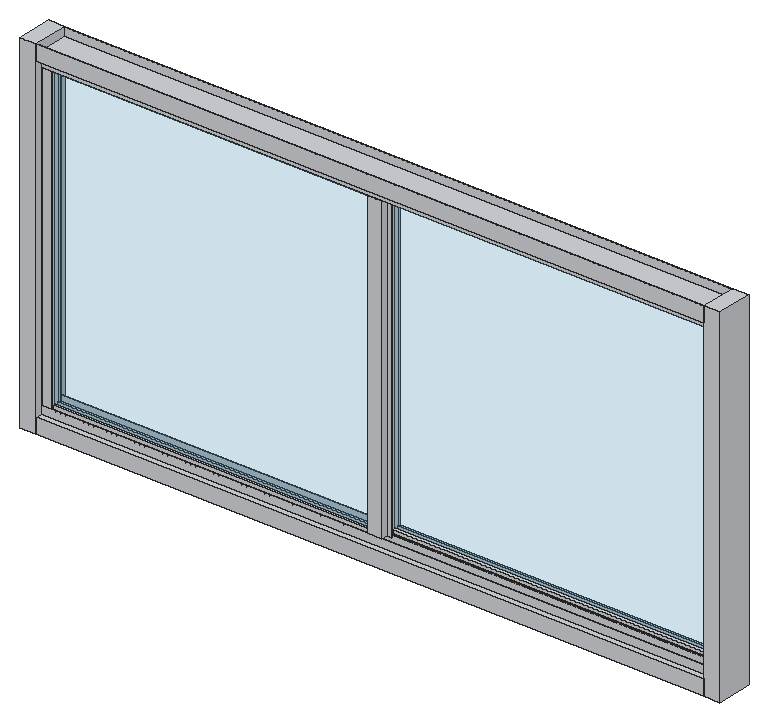
Revit family "MT-VMS_DB-SG_OX", category Windows, host Wall, Revit 2017 (continued)
Definition of nested family "VMS_DB-SG_OX_101mm"
  Definition of nested family "VMS_DB-SG_GLAZED PANEL"
    Definition of nested family "VMS_V3_SGL_MEDIUM"
      Reference planes
        plane 3 "Center (Left/Right)": x = 0
      Lines and regions (mm)
        model lines, in view "Ref. Level"
          curve 1: line (13.914, -23.65, 0) -> (27.914, -23.65, 0)
          curve 2: line (27.914, -23.65, 0) -> (27.914, -22.45, 0)
          curve 3: line (27.914, -22.45, 0) -> (13.914, -22.45, 0)
          curve 4: line (13.914, -22.45, 0) -> (13.914, -1.2, 0)
          curve 5: line (26.414, -1.2, 0) -> (26.414, -5.1, 0)
          curve 6: line (27.914, -6.489, 0) -> (27.914, 0, 0)
          curve 7: line (27.914, 0, 0) -> (0, 0, 0)
          curve 8: line (1.002, -1.2, 0) -> (4.73, -1.2, 0)
          curve 9: line (0, 0, 0) -> (0, -26.9, 0)
          curve 10: line (1.002, -25.7, 0) -> (1.002, -1.2, 0)
          curve 11: line (0, -26.9, 0) -> (21.039, -26.9, 0)
          curve 12: line (21.039, -26.102, 0) -> (13.914, -25.397, 0)
          curve 13: line (13.914, -25.397, 0) -> (13.914, -23.65, 0)
          curve 14: line (13.914, -1.2, 0) -> (26.414, -1.2, 0)
          curve 15: line (12.512, -1.2, 0) -> (12.512, -25.7, 0)
          curve 16: line (12.512, -25.7, 0) -> (6.132, -25.7, 0)
          curve 23: line (6.132, -1.2, 0) -> (12.512, -1.2, 0)
          curve 24: line (4.73, -25.7, 0) -> (1.002, -25.7, 0)
        detail lines, in view "Ref. Level"
          curve 17: line (21.039, -26.102, 0) -> (21.039, -26.9, 0)
          curve 18: line (27.914, -6.489, 0) -> (21.583, -6.489, 0)
          curve 19: line (26.414, -5.1, 0) -> (21.583, -5.1, 0)
          curve 20: line (21.583, -6.489, 0) -> (21.583, -5.1, 0)
          curve 21: line (6.132, -25.7, 0) -> (6.132, -1.2, 0)
          curve 22: line (4.73, -1.2, 0) -> (4.73, -25.7, 0)
    Definition of nested family "VMS_VM64_SILL DETAIL_FINE"
      Reference planes
        plane 1 "Center (Front/Back)": y = 0
        plane 2: z = 0
        plane 3 "Center (Left/Right)": x = 0
      Lines and regions (mm)
        model lines, in view "Ref. Level"
          curve 1: arc (4.124, -13.835, 0) -> (4.075, -13.45, 0) -> (4.124, -13.065, 0) r 1.525
          curve 2: arc (4.529, -12.365, 0) -> (4.813, -12.144, 0) -> (5.14, -11.996, 0) r 1.525
          curve 3: arc (6.06, -11.996, 0) -> (6.369, -12.133, 0) -> (6.64, -12.334, 0) r 1.525
          curve 4: arc (6.64, -12.334, 0) -> (7.145, -12.421, 0) -> (7.426, -11.992, 0) r 0.468
          curve 5: arc (7.426, -11.154, 0) -> (7.404, -11.062, 0) -> (7.342, -10.991, 0) r 0.2
          curve 6: arc (7.342, -10.991, 0) -> (6.899, -10.731, 0) -> (6.419, -10.55, 0) r 3.014
          curve 7: arc (6.419, -10.55, 0) -> (6.261, -10.442, 0) -> (6.2, -10.261, 0) r 0.3
          curve 8: arc (6.2, -1.5, 0) -> (6.288, -1.288, 0) -> (6.5, -1.2, 0) r 0.3
          curve 9: arc (12.312, -1.2, 0) -> (12.453, -1.259, 0) -> (12.512, -1.4, 0) r 0.2
          curve 10: arc (12.512, -25.5, 0) -> (12.453, -25.641, 0) -> (12.312, -25.7, 0) r 0.2
          curve 11: arc (8.4, -25.7, 0) -> (8.259, -25.641, 0) -> (8.2, -25.5, 0) r 0.2
          curve 12: arc (8.2, -23.8, 0) -> (8.141, -23.659, 0) -> (8, -23.6, 0) r 0.2
          curve 13: arc (6.5, -23.6, 0) -> (6.288, -23.512, 0) -> (6.2, -23.3, 0) r 0.3
          curve 14: arc (6.2, -16.639, 0) -> (6.261, -16.458, 0) -> (6.419, -16.35, 0) r 0.3
          curve 15: arc (6.419, -16.35, 0) -> (6.899, -16.169, 0) -> (7.342, -15.909, 0) r 3.014
          curve 16: arc (7.342, -15.909, 0) -> (7.404, -15.838, 0) -> (7.426, -15.746, 0) r 0.2
          curve 17: arc (7.426, -14.908, 0) -> (7.145, -14.479, 0) -> (6.64, -14.566, 0) r 0.468
          curve 18: arc (6.64, -14.566, 0) -> (6.369, -14.767, 0) -> (6.06, -14.904, 0) r 1.525
          curve 19: arc (5.14, -14.904, 0) -> (4.813, -14.756, 0) -> (4.529, -14.535, 0) r 1.525
          curve 20: arc (2.1, -11.652, 0) -> (2.188, -11.864, 0) -> (2.4, -11.952, 0) r 0.3
          curve 21: arc (2.4, -14.952, 0) -> (2.188, -15.04, 0) -> (2.1, -15.252, 0) r 0.3
          curve 22: arc (0.8, -15.352, 0) -> (0.4, -14.952, 0) -> (0, -15.352, 0) r 0.4
          curve 23: arc (0, -19.208, 0) -> (0.088, -19.42, 0) -> (0.3, -19.508, 0) r 0.3
          curve 24: arc (0.9, -19.508, 0) -> (1.112, -19.42, 0) -> (1.2, -19.208, 0) r 0.3
          curve 25: arc (1.2, -17.808, 0) -> (1.288, -17.596, 0) -> (1.5, -17.508, 0) r 0.3
          curve 26: arc (3, -17.508, 0) -> (3.212, -17.42, 0) -> (3.3, -17.208, 0) r 0.3
          curve 27: arc (3.3, -16.724, 0) -> (3.388, -16.512, 0) -> (3.6, -16.424, 0) r 0.3
          curve 28: arc (4.7, -16.424, 0) -> (4.912, -16.512, 0) -> (5, -16.724, 0) r 0.3
          curve 29: arc (5, -23.3, 0) -> (4.912, -23.512, 0) -> (4.7, -23.6, 0) r 0.3
          curve 30: arc (0.3, -23.6, 0) -> (0.088, -23.688, 0) -> (0, -23.9, 0) r 0.3
          curve 31: arc (0, -26.4, 0) -> (0.146, -26.753, 0) -> (0.5, -26.9, 0) r 0.5
          curve 32: arc (2.102, -26.9, 0) -> (2.502, -26.5, 0) -> (2.102, -26.1, 0) r 0.4
          curve 33: arc (5.902, -26.1, 0) -> (5.502, -26.5, 0) -> (5.902, -26.9, 0) r 0.4
          curve 34: arc (19.253, -26.9, 0) -> (19.6, -26.57, 0) -> (19.287, -26.207, 0) r 0.347
          curve 35: arc (16.352, -25.917, 0) -> (16.099, -25.719, 0) -> (16.17, -25.406, 0) r 0.3
          curve 36: arc (16.838, -24.738, 0) -> (16.935, -24.673, 0) -> (17.05, -24.65, 0) r 0.3
          curve 37: arc (27.288, -24.95, 0) -> (27.906, -24.424, 0) -> (27.486, -23.73, 0) r 0.626
          curve 38: arc (26.677, -23.46, 0) -> (26.497, -23.488, 0) -> (26.414, -23.65, 0) r 0.2
          curve 39: arc (25.177, -23.46, 0) -> (24.997, -23.488, 0) -> (24.914, -23.65, 0) r 0.2
          curve 40: arc (23.677, -23.46, 0) -> (23.497, -23.488, 0) -> (23.414, -23.65, 0) r 0.2
          curve 41: arc (16.553, -23.45, 0) -> (16.438, -23.473, 0) -> (16.341, -23.538, 0) r 0.3
          curve 42: arc (14.426, -25.452, 0) -> (14.099, -25.517, 0) -> (13.914, -25.24, 0) r 0.3
          curve 43: arc (13.914, -14.116, 0) -> (13.884, -13.963, 0) -> (13.797, -13.833, 0) r 0.4
          curve 44: arc (13.797, -13.067, 0) -> (13.884, -12.937, 0) -> (13.914, -12.784, 0) r 0.4
          curve 45: arc (13.914, -2.069, 0) -> (14.079, -1.801, 0) -> (14.392, -1.827, 0) r 0.3
          curve 46: arc (14.392, -1.827, 0) -> (18.05, -3.074, 0) -> (21.914, -2.976, 0) r 10.984
          curve 47: arc (21.914, -3.233, 0) -> (22.026, -3.412, 0) -> (22.236, -3.391, 0) r 0.2
          curve 48: arc (23.092, -2.731, 0) -> (23.302, -2.71, 0) -> (23.414, -2.889, 0) r 0.2
          curve 49: arc (23.414, -3.233, 0) -> (23.526, -3.412, 0) -> (23.736, -3.391, 0) r 0.2
          curve 50: arc (24.592, -2.731, 0) -> (24.802, -2.71, 0) -> (24.914, -2.889, 0) r 0.2
          curve 51: arc (24.914, -3.233, 0) -> (25.026, -3.412, 0) -> (25.236, -3.391, 0) r 0.2
          curve 52: arc (26.092, -2.731, 0) -> (26.302, -2.71, 0) -> (26.414, -2.889, 0) r 0.2
          curve 53: arc (26.414, -3.233, 0) -> (26.496, -3.394, 0) -> (26.674, -3.423, 0) r 0.2
          curve 54: arc (27.634, -3.121, 0) -> (27.837, -2.976, 0) -> (27.914, -2.739, 0) r 0.4
          curve 55: arc (27.914, -0.8, 0) -> (27.68, -0.234, 0) -> (27.114, 0, 0) r 0.8
          curve 56: arc (25.737, 0, 0) -> (25.642, -0.015, 0) -> (25.558, -0.06, 0) r 0.3
          curve 57: arc (25.558, -0.06, 0) -> (19.709, -2, 0) -> (13.86, -0.06, 0) r 9.784
          curve 58: arc (13.86, -0.06, 0) -> (13.776, -0.015, 0) -> (13.681, 0, 0) r 0.3
          curve 59: arc (0.5, 0, 0) -> (0.146, -0.146, 0) -> (0, -0.5, 0) r 0.5
          curve 60: arc (0, -3, 0) -> (0.088, -3.212, 0) -> (0.3, -3.3, 0) r 0.3
          curve 61: arc (0.9, -3.3, 0) -> (1.112, -3.212, 0) -> (1.2, -3, 0) r 0.3
          curve 62: arc (1.2, -1.5, 0) -> (1.288, -1.288, 0) -> (1.5, -1.2, 0) r 0.3
          curve 63: arc (4.7, -1.2, 0) -> (4.912, -1.288, 0) -> (5, -1.5, 0) r 0.3
          curve 64: arc (5, -10.176, 0) -> (4.912, -10.388, 0) -> (4.7, -10.476, 0) r 0.3
          curve 65: arc (3.6, -10.476, 0) -> (3.388, -10.388, 0) -> (3.3, -10.176, 0) r 0.3
          curve 66: arc (3.3, -9.692, 0) -> (3.212, -9.48, 0) -> (3, -9.392, 0) r 0.3
          curve 67: arc (1.5, -9.392, 0) -> (1.288, -9.304, 0) -> (1.2, -9.092, 0) r 0.3
          curve 68: arc (1.2, -7.692, 0) -> (1.112, -7.48, 0) -> (0.9, -7.392, 0) r 0.3
          curve 69: arc (0.3, -7.392, 0) -> (0.088, -7.48, 0) -> (0, -7.692, 0) r 0.3
          curve 70: arc (0, -11.552, 0) -> (0.4, -11.952, 0) -> (0.8, -11.552, 0) r 0.4
          curve 71: line (4.529, -14.535, 0) -> (3.976, -14.387, 0)
          curve 72: line (3.976, -14.387, 0) -> (4.124, -13.835, 0)
          curve 73: line (4.124, -13.065, 0) -> (3.976, -12.513, 0)
          curve 74: line (3.976, -12.513, 0) -> (4.529, -12.365, 0)
          curve 75: line (5.14, -11.996, 0) -> (5.6, -11.576, 0)
          curve 76: line (5.6, -11.576, 0) -> (6.06, -11.996, 0)
          curve 77: line (7.426, -11.992, 0) -> (7.426, -11.154, 0)
          curve 78: line (6.2, -10.261, 0) -> (6.2, -1.5, 0)
          curve 79: line (6.5, -1.2, 0) -> (12.312, -1.2, 0)
          curve 80: line (12.512, -1.4, 0) -> (12.512, -25.5, 0)
          curve 81: line (12.312, -25.7, 0) -> (8.4, -25.7, 0)
          curve 82: line (8.2, -25.5, 0) -> (8.2, -23.8, 0)
          curve 83: line (8, -23.6, 0) -> (6.5, -23.6, 0)
          curve 84: line (6.2, -23.3, 0) -> (6.2, -16.639, 0)
          curve 85: line (7.426, -15.746, 0) -> (7.426, -14.908, 0)
          curve 86: line (6.06, -14.904, 0) -> (5.6, -15.324, 0)
          curve 87: line (5.6, -15.324, 0) -> (5.14, -14.904, 0)
          curve 88: line (2.4, -11.952, 0) -> (2.776, -11.952, 0)
          curve 89: line (2.776, -11.952, 0) -> (2.776, -14.952, 0)
          curve 90: line (2.776, -14.952, 0) -> (2.4, -14.952, 0)
          curve 91: line (2.1, -15.252, 0) -> (2.1, -16.452, 0)
          curve 92: line (2.1, -16.452, 0) -> (0.8, -16.452, 0)
          curve 93: line (0.8, -16.452, 0) -> (0.8, -15.352, 0)
          curve 94: line (0, -15.352, 0) -> (0, -19.208, 0)
          curve 95: line (0.3, -19.508, 0) -> (0.9, -19.508, 0)
          curve 96: line (1.2, -19.208, 0) -> (1.2, -17.808, 0)
          curve 97: line (1.5, -17.508, 0) -> (3, -17.508, 0)
          curve 98: line (3.3, -17.208, 0) -> (3.3, -16.724, 0)
          curve 99: line (3.6, -16.424, 0) -> (4.7, -16.424, 0)
          curve 100: line (5, -16.724, 0) -> (5, -23.3, 0)
          curve 101: line (4.7, -23.6, 0) -> (0.3, -23.6, 0)
          curve 102: line (0, -23.9, 0) -> (0, -26.4, 0)
          curve 103: line (0.5, -26.9, 0) -> (2.102, -26.9, 0)
          curve 104: line (2.102, -26.1, 0) -> (1.202, -26.1, 0)
          curve 105: line (1.202, -26.1, 0) -> (1.202, -24.8, 0)
          curve 106: line (1.202, -24.8, 0) -> (6.802, -24.8, 0)
          curve 107: line (6.802, -24.8, 0) -> (6.802, -26.1, 0)
          curve 108: line (6.802, -26.1, 0) -> (5.902, -26.1, 0)
          curve 109: line (5.902, -26.9, 0) -> (19.253, -26.9, 0)
          curve 110: line (19.287, -26.207, 0) -> (16.352, -25.917, 0)
          curve 111: line (16.17, -25.406, 0) -> (16.838, -24.738, 0)
          curve 112: line (17.05, -24.65, 0) -> (22.146, -24.65, 0)
          curve 113: line (22.146, -24.65, 0) -> (23.924, -24.95, 0)
          curve 114: line (23.924, -24.95, 0) -> (27.288, -24.95, 0)
          curve 115: line (27.486, -23.73, 0) -> (26.677, -23.46, 0)
          curve 116: line (26.414, -23.65, 0) -> (26.414, -23.872, 0)
          curve 117: line (26.414, -23.872, 0) -> (25.177, -23.46, 0)
          curve 118: line (24.914, -23.65, 0) -> (24.914, -23.872, 0)
          curve 119: line (24.914, -23.872, 0) -> (23.677, -23.46, 0)
          curve 120: line (23.414, -23.761, 0) -> (22.146, -23.45, 0)
          curve 121: line (22.146, -23.45, 0) -> (16.553, -23.45, 0)
          curve 122: line (16.341, -23.538, 0) -> (14.426, -25.452, 0)
          curve 123: line (13.914, -25.24, 0) -> (13.914, -14.116, 0)
          curve 124: line (13.797, -13.833, 0) -> (13.414, -13.45, 0)
          curve 125: line (13.414, -13.45, 0) -> (13.797, -13.067, 0)
          curve 126: line (13.914, -12.784, 0) -> (13.914, -2.069, 0)
          curve 127: line (21.914, -2.976, 0) -> (21.914, -3.233, 0)
          curve 128: line (22.236, -3.391, 0) -> (23.092, -2.731, 0)
          curve 129: line (23.414, -2.889, 0) -> (23.414, -3.233, 0)
          curve 130: line (23.736, -3.391, 0) -> (24.592, -2.731, 0)
          curve 131: line (24.914, -2.889, 0) -> (24.914, -3.233, 0)
          curve 132: line (25.236, -3.391, 0) -> (26.092, -2.731, 0)
          curve 133: line (26.414, -2.889, 0) -> (26.414, -3.233, 0)
          curve 134: line (26.674, -3.423, 0) -> (27.634, -3.121, 0)
          curve 135: line (27.914, -2.739, 0) -> (27.914, -0.8, 0)
          curve 136: line (27.114, 0, 0) -> (25.737, 0, 0)
          curve 137: line (13.681, 0, 0) -> (0.5, 0, 0)
          curve 138: line (0, -0.5, 0) -> (0, -3, 0)
          curve 139: line (0.3, -3.3, 0) -> (0.9, -3.3, 0)
          curve 140: line (1.2, -3, 0) -> (1.2, -1.5, 0)
          curve 141: line (1.5, -1.2, 0) -> (4.7, -1.2, 0)
          curve 142: line (5, -1.5, 0) -> (5, -10.176, 0)
          curve 143: line (4.7, -10.476, 0) -> (3.6, -10.476, 0)
          curve 144: line (3.3, -10.176, 0) -> (3.3, -9.692, 0)
          curve 145: line (3, -9.392, 0) -> (1.5, -9.392, 0)
          curve 146: line (1.2, -9.092, 0) -> (1.2, -7.692, 0)
          curve 147: line (0.9, -7.392, 0) -> (0.3, -7.392, 0)
          curve 148: line (0, -7.692, 0) -> (0, -11.552, 0)
          curve 149: line (0.8, -11.552, 0) -> (0.8, -10.452, 0)
          curve 150: line (0.8, -10.452, 0) -> (2.1, -10.452, 0)
          curve 151: line (2.1, -10.452, 0) -> (2.1, -11.652, 0)
    Definition of nested family "VMS_VM64_SILL DETAIL_MEDIUM"
      Reference planes
        plane 1 "Center (Front/Back)": y = 0
        plane 2: z = 0
        plane 3 "Center (Left/Right)": x = 0
      Lines and regions (mm)
        model lines, in view "Ref. Level"
          curve 1: line (1.202, -1.2, 0) -> (5, -1.2, 0)
          curve 2: line (12.512, -1.2, 0) -> (12.512, -25.7, 0)
          curve 3: line (12.512, -25.7, 0) -> (6.2, -25.7, 0)
          curve 4: line (6.2, -25.7, 0) -> (6.2, -1.2, 0)
          curve 5: line (5, -1.2, 0) -> (5, -25.7, 0)
          curve 6: line (0, 0, 0) -> (0, -26.9, 0)
          curve 7: line (1.202, -25.7, 0) -> (1.202, -1.2, 0)
          curve 8: line (0, -26.9, 0) -> (19.287, -26.9, 0)
          curve 9: line (19.287, -26.207, 0) -> (15.721, -25.854, 0)
          curve 10: line (15.721, -25.854, 0) -> (16.926, -24.65, 0)
          curve 11: line (16.926, -24.65, 0) -> (27.914, -24.65, 0)
          curve 12: line (27.914, -23.45, 0) -> (16.429, -23.45, 0)
          curve 13: line (16.429, -23.45, 0) -> (13.914, -25.965, 0)
          curve 14: line (13.914, -25.965, 0) -> (13.914, -1.2, 0)
          curve 15: line (27.914, -24.65, 0) -> (27.914, -23.45, 0)
          curve 16: line (27.914, 0, 0) -> (0, 0, 0)
          curve 18: line (6.2, -1.2, 0) -> (12.512, -1.2, 0)
          curve 19: line (5, -25.7, 0) -> (1.202, -25.7, 0)
          curve 20: line (27.914, -1.2, 0) -> (27.914, 0, 0)
          curve 21: line (13.914, -1.2, 0) -> (27.914, -1.2, 0)
        detail lines, in view "Ref. Level"
          curve 17: line (19.287, -26.207, 0) -> (19.287, -26.9, 0)
    Definition of nested family "VMS_VM5_SILL DETAIL_FINE"
      Reference planes
        plane 1 "Center (Front/Back)": y = 0
        plane 2: z = 0
        plane 3 "Center (Left/Right)": x = 0
      Lines and regions (mm)
        model lines, in view "Ref. Level"
          curve 1: arc (26.9, 5.9, 0) -> (26.783, 5.617, 0) -> (26.5, 5.5, 0) r 0.4
          curve 2: arc (26.5, 5.5, 0) -> (26.217, 5.617, 0) -> (26.1, 5.9, 0) r 0.4
          curve 3: arc (26.1, 2.1, 0) -> (26.217, 2.383, 0) -> (26.5, 2.5, 0) r 0.4
          curve 4: arc (26.5, 2.5, 0) -> (26.783, 2.383, 0) -> (26.9, 2.1, 0) r 0.4
          curve 5: arc (26.9, 0.5, 0) -> (26.754, 0.146, 0) -> (26.4, 0, 0) r 0.5
          curve 6: arc (23.9, 0, 0) -> (23.688, 0.088, 0) -> (23.6, 0.3, 0) r 0.3
          curve 7: arc (23.6, 4.7, 0) -> (23.512, 4.912, 0) -> (23.3, 5, 0) r 0.3
          curve 8: arc (16.724, 5, 0) -> (16.512, 4.912, 0) -> (16.424, 4.7, 0) r 0.3
          curve 9: arc (16.424, 3.6, 0) -> (16.512, 3.388, 0) -> (16.724, 3.3, 0) r 0.3
          curve 10: arc (17.208, 3.3, 0) -> (17.42, 3.212, 0) -> (17.508, 3, 0) r 0.3
          curve 11: arc (17.508, 1.5, 0) -> (17.596, 1.288, 0) -> (17.808, 1.2, 0) r 0.3
          curve 12: arc (19.208, 1.2, 0) -> (19.42, 1.112, 0) -> (19.508, 0.9, 0) r 0.3
          curve 13: arc (19.508, 0.3, 0) -> (19.42, 0.088, 0) -> (19.208, 0, 0) r 0.3
          curve 14: arc (15.348, 0, 0) -> (14.948, 0.4, 0) -> (15.348, 0.8, 0) r 0.4
          curve 15: arc (15.248, 2.1, 0) -> (15.036, 2.188, 0) -> (14.948, 2.4, 0) r 0.3
          curve 16: arc (11.948, 2.4, 0) -> (11.86, 2.188, 0) -> (11.648, 2.1, 0) r 0.3
          curve 17: arc (11.548, 0.8, 0) -> (11.948, 0.4, 0) -> (11.548, 0, 0) r 0.4
          curve 18: arc (7.692, 0, 0) -> (7.48, 0.088, 0) -> (7.392, 0.3, 0) r 0.3
          curve 19: arc (7.392, 0.9, 0) -> (7.48, 1.112, 0) -> (7.692, 1.2, 0) r 0.3
          curve 20: arc (9.092, 1.2, 0) -> (9.304, 1.288, 0) -> (9.392, 1.5, 0) r 0.3
          curve 21: arc (9.392, 3, 0) -> (9.48, 3.212, 0) -> (9.692, 3.3, 0) r 0.3
          curve 22: arc (10.176, 3.3, 0) -> (10.388, 3.388, 0) -> (10.476, 3.6, 0) r 0.3
          curve 23: arc (10.476, 4.7, 0) -> (10.388, 4.912, 0) -> (10.176, 5, 0) r 0.3
          curve 24: arc (3.6, 5, 0) -> (3.388, 4.912, 0) -> (3.3, 4.7, 0) r 0.3
          curve 25: arc (3.3, 0.3, 0) -> (3.212, 0.088, 0) -> (3, 0, 0) r 0.3
          curve 26: arc (0.5, 0, 0) -> (0.146, 0.146, 0) -> (0, 0.5, 0) r 0.5
          curve 27: arc (0, 2.1, 0) -> (0.117, 2.383, 0) -> (0.4, 2.5, 0) r 0.4
          curve 28: arc (0.4, 2.5, 0) -> (0.683, 2.383, 0) -> (0.8, 2.1, 0) r 0.4
          curve 29: arc (0.8, 5.9, 0) -> (0.683, 5.617, 0) -> (0.4, 5.5, 0) r 0.4
          curve 30: arc (0.4, 5.5, 0) -> (0.117, 5.617, 0) -> (0, 5.9, 0) r 0.4
          curve 31: arc (0, 13.679, 0) -> (0.015, 13.774, 0) -> (0.06, 13.858, 0) r 0.3
          curve 32: arc (0.06, 13.858, 0) -> (2, 19.707, 0) -> (0.06, 25.556, 0) r 9.784
          curve 33: arc (0.06, 25.556, 0) -> (0.015, 25.64, 0) -> (0, 25.735, 0) r 0.3
          curve 34: arc (0, 27.112, 0) -> (0.234, 27.678, 0) -> (0.8, 27.912, 0) r 0.8
          curve 35: arc (6.489, 27.912, 0) -> (6.723, 27.837, 0) -> (6.869, 27.639, 0) r 0.4
          curve 36: arc (7.19, 26.675, 0) -> (7.162, 26.495, 0) -> (7, 26.412, 0) r 0.2
          curve 37: arc (7.19, 25.175, 0) -> (7.162, 24.995, 0) -> (7, 24.912, 0) r 0.2
          curve 38: arc (7.19, 23.675, 0) -> (7.162, 23.495, 0) -> (7, 23.412, 0) r 0.2
          curve 39: arc (7.19, 22.175, 0) -> (7.162, 21.995, 0) -> (7, 21.912, 0) r 0.2
          curve 40: arc (6.362, 21.912, 0) -> (6.187, 21.969, 0) -> (6.078, 22.117, 0) r 0.3
          curve 41: arc (5.4, 26.112, 0) -> (5.312, 26.324, 0) -> (5.1, 26.412, 0) r 0.3
          curve 42: arc (1.879, 26.412, 0) -> (1.441, 26.152, 0) -> (1.459, 25.642, 0) r 0.5
          curve 43: arc (1.459, 25.642, 0) -> (3.194, 20.067, 0) -> (1.827, 14.39, 0) r 10.984
          curve 44: arc (1.827, 14.39, 0) -> (1.801, 14.077, 0) -> (2.069, 13.912, 0) r 0.3
          curve 45: arc (12.784, 13.912, 0) -> (12.937, 13.882, 0) -> (13.067, 13.795, 0) r 0.4
          curve 46: arc (13.833, 13.795, 0) -> (13.963, 13.882, 0) -> (14.116, 13.912, 0) r 0.4
          curve 47: arc (24.831, 13.912, 0) -> (25.099, 14.077, 0) -> (25.073, 14.39, 0) r 0.3
          curve 48: arc (25.073, 14.39, 0) -> (23.706, 20.067, 0) -> (25.441, 25.642, 0) r 10.984
          curve 49: arc (25.441, 25.642, 0) -> (25.459, 26.152, 0) -> (25.021, 26.412, 0) r 0.5
          curve 50: arc (21.8, 26.412, 0) -> (21.588, 26.324, 0) -> (21.5, 26.112, 0) r 0.3
          curve 51: arc (20.822, 22.117, 0) -> (20.713, 21.969, 0) -> (20.538, 21.912, 0) r 0.3
          curve 52: arc (19.9, 21.912, 0) -> (19.738, 21.995, 0) -> (19.71, 22.175, 0) r 0.2
          curve 53: arc (19.9, 23.412, 0) -> (19.738, 23.495, 0) -> (19.71, 23.675, 0) r 0.2
          curve 54: arc (19.9, 24.912, 0) -> (19.738, 24.995, 0) -> (19.71, 25.175, 0) r 0.2
          curve 55: arc (19.9, 26.412, 0) -> (19.738, 26.495, 0) -> (19.71, 26.675, 0) r 0.2
          curve 56: arc (20.031, 27.639, 0) -> (20.177, 27.837, 0) -> (20.411, 27.912, 0) r 0.4
          curve 57: arc (26.1, 27.912, 0) -> (26.666, 27.678, 0) -> (26.9, 27.112, 0) r 0.8
          curve 58: arc (26.9, 25.735, 0) -> (26.885, 25.64, 0) -> (26.84, 25.556, 0) r 0.3
          curve 59: arc (26.84, 25.556, 0) -> (24.9, 19.707, 0) -> (26.84, 13.858, 0) r 9.784
          curve 60: arc (26.84, 13.858, 0) -> (26.885, 13.774, 0) -> (26.9, 13.679, 0) r 0.3
          curve 61: arc (10.55, 6.419, 0) -> (10.731, 6.899, 0) -> (10.991, 7.342, 0) r 3.014
          curve 62: arc (10.991, 7.342, 0) -> (11.062, 7.404, 0) -> (11.154, 7.426, 0) r 0.2
          curve 63: arc (11.992, 7.426, 0) -> (12.421, 7.145, 0) -> (12.334, 6.64, 0) r 0.468
          curve 64: arc (12.334, 6.64, 0) -> (12.133, 6.369, 0) -> (11.996, 6.06, 0) r 1.525
          curve 65: arc (11.996, 5.14, 0) -> (12.144, 4.813, 0) -> (12.365, 4.529, 0) r 1.525
          curve 66: arc (13.065, 4.124, 0) -> (13.45, 4.075, 0) -> (13.835, 4.124, 0) r 1.525
          curve 67: arc (14.535, 4.529, 0) -> (14.756, 4.813, 0) -> (14.904, 5.14, 0) r 1.525
          curve 68: arc (14.904, 6.06, 0) -> (14.767, 6.369, 0) -> (14.566, 6.64, 0) r 1.525
          curve 69: arc (14.566, 6.64, 0) -> (14.479, 7.145, 0) -> (14.908, 7.426, 0) r 0.468
          curve 70: arc (15.746, 7.426, 0) -> (15.838, 7.404, 0) -> (15.909, 7.342, 0) r 0.2
          curve 71: arc (15.909, 7.342, 0) -> (16.169, 6.899, 0) -> (16.35, 6.419, 0) r 3.014
          curve 72: arc (16.35, 6.419, 0) -> (16.458, 6.261, 0) -> (16.639, 6.2, 0) r 0.3
          curve 73: arc (23.3, 6.2, 0) -> (23.512, 6.288, 0) -> (23.6, 6.5, 0) r 0.3
          curve 74: arc (23.6, 8, 0) -> (23.659, 8.141, 0) -> (23.8, 8.2, 0) r 0.2
          curve 75: arc (25.5, 8.2, 0) -> (25.641, 8.259, 0) -> (25.7, 8.4, 0) r 0.2
          curve 76: arc (25.7, 12.312, 0) -> (25.641, 12.453, 0) -> (25.5, 12.512, 0) r 0.2
          curve 77: arc (1.4, 12.512, 0) -> (1.259, 12.453, 0) -> (1.2, 12.312, 0) r 0.2
          curve 78: arc (1.2, 8.4, 0) -> (1.259, 8.259, 0) -> (1.4, 8.2, 0) r 0.2
          curve 79: arc (3.1, 8.2, 0) -> (3.241, 8.141, 0) -> (3.3, 8, 0) r 0.2
          curve 80: arc (3.3, 6.5, 0) -> (3.388, 6.288, 0) -> (3.6, 6.2, 0) r 0.3
          curve 81: line (26.1, 5.9, 0) -> (26.1, 7, 0)
          curve 82: line (26.1, 7, 0) -> (24.8, 7, 0)
          curve 83: line (24.8, 7, 0) -> (24.8, 1, 0)
          curve 84: line (24.8, 1, 0) -> (26.1, 1, 0)
          curve 85: line (26.1, 1, 0) -> (26.1, 2.1, 0)
          curve 86: line (26.9, 2.1, 0) -> (26.9, 0.5, 0)
          curve 87: line (26.4, 0, 0) -> (23.9, 0, 0)
          curve 88: line (23.6, 0.3, 0) -> (23.6, 4.7, 0)
          curve 89: line (23.3, 5, 0) -> (16.724, 5, 0)
          curve 90: line (16.424, 4.7, 0) -> (16.424, 3.6, 0)
          curve 91: line (16.724, 3.3, 0) -> (17.208, 3.3, 0)
          curve 92: line (17.508, 3, 0) -> (17.508, 1.5, 0)
          curve 93: line (17.808, 1.2, 0) -> (19.208, 1.2, 0)
          curve 94: line (19.508, 0.9, 0) -> (19.508, 0.3, 0)
          curve 95: line (19.208, 0, 0) -> (15.348, 0, 0)
          curve 96: line (15.348, 0.8, 0) -> (16.448, 0.8, 0)
          curve 97: line (16.448, 0.8, 0) -> (16.448, 2.1, 0)
          curve 98: line (16.448, 2.1, 0) -> (15.248, 2.1, 0)
          curve 99: line (14.948, 2.4, 0) -> (14.948, 2.776, 0)
          curve 100: line (14.948, 2.776, 0) -> (11.948, 2.776, 0)
          curve 101: line (11.948, 2.776, 0) -> (11.948, 2.4, 0)
          curve 102: line (11.648, 2.1, 0) -> (10.448, 2.1, 0)
          curve 103: line (10.448, 2.1, 0) -> (10.448, 0.8, 0)
          curve 104: line (10.448, 0.8, 0) -> (11.548, 0.8, 0)
          curve 105: line (11.548, 0, 0) -> (7.692, 0, 0)
          curve 106: line (7.392, 0.3, 0) -> (7.392, 0.9, 0)
          curve 107: line (7.692, 1.2, 0) -> (9.092, 1.2, 0)
          curve 108: line (9.392, 1.5, 0) -> (9.392, 3, 0)
          curve 109: line (9.692, 3.3, 0) -> (10.176, 3.3, 0)
          curve 110: line (10.476, 3.6, 0) -> (10.476, 4.7, 0)
          curve 111: line (10.176, 5, 0) -> (3.6, 5, 0)
          curve 112: line (3.3, 4.7, 0) -> (3.3, 0.3, 0)
          curve 113: line (3, 0, 0) -> (0.5, 0, 0)
          curve 114: line (0, 0.5, 0) -> (0, 2.1, 0)
          curve 115: line (0.8, 2.1, 0) -> (0.8, 1, 0)
          curve 116: line (0.8, 1, 0) -> (2.1, 1, 0)
          curve 117: line (2.1, 1, 0) -> (2.1, 7, 0)
          curve 118: line (2.1, 7, 0) -> (0.8, 7, 0)
          curve 119: line (0.8, 7, 0) -> (0.8, 5.9, 0)
          curve 120: line (0, 5.9, 0) -> (0, 13.679, 0)
          curve 121: line (0, 25.735, 0) -> (0, 27.112, 0)
          curve 122: line (0.8, 27.912, 0) -> (6.489, 27.912, 0)
          curve 123: line (6.869, 27.639, 0) -> (7.19, 26.675, 0)
          curve 124: line (7, 26.412, 0) -> (6.777, 26.412, 0)
          curve 125: line (6.777, 26.412, 0) -> (7.19, 25.175, 0)
          curve 126: line (7, 24.912, 0) -> (6.777, 24.912, 0)
          curve 127: line (6.777, 24.912, 0) -> (7.19, 23.675, 0)
          curve 128: line (7, 23.412, 0) -> (6.777, 23.412, 0)
          curve 129: line (6.777, 23.412, 0) -> (7.19, 22.175, 0)
          curve 130: line (7, 21.912, 0) -> (6.362, 21.912, 0)
          curve 131: line (6.078, 22.117, 0) -> (5.415, 24.104, 0)
          curve 132: line (5.415, 24.104, 0) -> (5.4, 26.112, 0)
          curve 133: line (5.1, 26.412, 0) -> (1.879, 26.412, 0)
          curve 134: line (2.069, 13.912, 0) -> (12.784, 13.912, 0)
          curve 135: line (13.067, 13.795, 0) -> (13.45, 13.412, 0)
          curve 136: line (13.45, 13.412, 0) -> (13.833, 13.795, 0)
          curve 137: line (14.116, 13.912, 0) -> (24.831, 13.912, 0)
          curve 138: line (25.021, 26.412, 0) -> (21.8, 26.412, 0)
          curve 139: line (21.5, 26.112, 0) -> (21.5, 24.198, 0)
          curve 140: line (21.5, 24.198, 0) -> (20.822, 22.117, 0)
          curve 141: line (20.538, 21.912, 0) -> (19.9, 21.912, 0)
          curve 142: line (19.71, 22.175, 0) -> (20.123, 23.412, 0)
          curve 143: line (20.123, 23.412, 0) -> (19.9, 23.412, 0)
          curve 144: line (19.71, 23.675, 0) -> (20.123, 24.912, 0)
          curve 145: line (20.123, 24.912, 0) -> (19.9, 24.912, 0)
          curve 146: line (19.71, 25.175, 0) -> (20.123, 26.412, 0)
          curve 147: line (20.123, 26.412, 0) -> (19.9, 26.412, 0)
          curve 148: line (19.71, 26.675, 0) -> (20.031, 27.639, 0)
          curve 149: line (20.411, 27.912, 0) -> (26.1, 27.912, 0)
          curve 150: line (26.9, 27.112, 0) -> (26.9, 25.735, 0)
          curve 151: line (26.9, 13.679, 0) -> (26.9, 5.9, 0)
          curve 152: line (11.154, 7.426, 0) -> (11.992, 7.426, 0)
          curve 153: line (11.996, 6.06, 0) -> (11.576, 5.6, 0)
          curve 154: line (11.576, 5.6, 0) -> (11.996, 5.14, 0)
          curve 155: line (12.365, 4.529, 0) -> (12.513, 3.976, 0)
          curve 156: line (12.513, 3.976, 0) -> (13.065, 4.124, 0)
          curve 157: line (13.835, 4.124, 0) -> (14.387, 3.976, 0)
          curve 158: line (14.387, 3.976, 0) -> (14.535, 4.529, 0)
          curve 159: line (14.904, 5.14, 0) -> (15.324, 5.6, 0)
          curve 160: line (15.324, 5.6, 0) -> (14.904, 6.06, 0)
          curve 161: line (14.908, 7.426, 0) -> (15.746, 7.426, 0)
          curve 162: line (16.639, 6.2, 0) -> (23.3, 6.2, 0)
          curve 163: line (23.6, 6.5, 0) -> (23.6, 8, 0)
          curve 164: line (23.8, 8.2, 0) -> (25.5, 8.2, 0)
          curve 165: line (25.7, 8.4, 0) -> (25.7, 12.312, 0)
          curve 166: line (25.5, 12.512, 0) -> (1.4, 12.512, 0)
          curve 167: line (1.2, 12.312, 0) -> (1.2, 8.4, 0)
          curve 168: line (1.4, 8.2, 0) -> (3.1, 8.2, 0)
          curve 169: line (3.3, 8, 0) -> (3.3, 6.5, 0)
          curve 170: line (3.6, 6.2, 0) -> (10.261, 6.2, 0)
          curve 171: arc (10.261, 6.2, 0) -> (10.442, 6.261, 0) -> (10.55, 6.419, 0) r 0.3
    Definition of nested family "VMS_VM5_SILL DETAIL_MEDIUM"
      Reference planes
        plane 1 "Center (Front/Back)": y = 0
        plane 2: z = 0
        plane 3 "Center (Left/Right)": x = 0
      Lines and regions (mm)
        model lines, in view "Ref. Level"
          curve 1: line (1.2, 1, 0) -> (25.7, 1, 0)
          curve 2: line (26.9, 0, 0) -> (0, 0, 0)
          curve 3: line (25.7, 5, 0) -> (1.2, 5, 0)
          curve 4: line (0, 0, 0) -> (0, 27.912, 0)
          curve 5: line (0, 27.912, 0) -> (6.489, 27.912, 0)
          curve 6: line (6.489, 21.912, 0) -> (5.432, 21.912, 0)
          curve 7: line (5.432, 21.912, 0) -> (5.398, 26.412, 0)
          curve 8: line (5.398, 26.412, 0) -> (1.2, 26.412, 0)
          curve 9: line (1.2, 13.912, 0) -> (25.7, 13.912, 0)
          curve 10: line (25.7, 26.412, 0) -> (21.5, 26.412, 0)
          curve 11: line (21.5, 26.412, 0) -> (21.5, 21.912, 0)
          curve 12: line (21.5, 21.912, 0) -> (20.411, 21.912, 0)
          curve 13: line (20.411, 27.912, 0) -> (26.9, 27.912, 0)
          curve 14: line (26.9, 27.912, 0) -> (26.9, 0, 0)
          curve 15: line (1.2, 6.2, 0) -> (25.7, 6.2, 0)
          curve 16: line (25.7, 1, 0) -> (25.7, 5, 0)
          curve 17: line (25.7, 12.512, 0) -> (1.2, 12.512, 0)
          curve 18: line (1.2, 26.412, 0) -> (1.2, 13.912, 0)
          curve 19: line (1.2, 5, 0) -> (1.2, 1, 0)
          curve 20: line (25.7, 13.912, 0) -> (25.7, 26.412, 0)
          curve 21: line (1.2, 12.512, 0) -> (1.2, 6.2, 0)
          curve 22: line (25.7, 6.2, 0) -> (25.7, 12.512, 0)
        detail lines, in view "Ref. Level"
          curve 23: line (6.489, 27.912, 0) -> (6.489, 21.912, 0)
          curve 24: line (20.411, 27.912, 0) -> (20.411, 21.912, 0)
    Definition of nested family "VMS_VM66_SILL DETAIL_FINE"
      Reference planes
        plane 1 "Center (Front/Back)": y = 0
        plane 2: z = 0
        plane 3 "Center (Left/Right)": x = 0
      Lines and regions (mm)
        model lines, in view "Ref. Level"
          curve 1: arc (11.648, 2.1, 0) -> (11.86, 2.188, 0) -> (11.948, 2.4, 0) r 0.3
          curve 2: arc (14.948, 2.4, 0) -> (15.036, 2.188, 0) -> (15.248, 2.1, 0) r 0.3
          curve 3: arc (15.348, 0.8, 0) -> (14.948, 0.4, 0) -> (15.348, 0, 0) r 0.4
          curve 4: arc (19.208, 0, 0) -> (19.42, 0.088, 0) -> (19.508, 0.3, 0) r 0.3
          curve 5: arc (19.508, 0.9, 0) -> (19.42, 1.112, 0) -> (19.208, 1.2, 0) r 0.3
          curve 6: arc (17.808, 1.2, 0) -> (17.596, 1.288, 0) -> (17.508, 1.5, 0) r 0.3
          curve 7: arc (17.508, 3, 0) -> (17.42, 3.212, 0) -> (17.208, 3.3, 0) r 0.3
          curve 8: arc (16.724, 3.3, 0) -> (16.512, 3.388, 0) -> (16.424, 3.6, 0) r 0.3
          curve 9: arc (16.424, 4.7, 0) -> (16.512, 4.912, 0) -> (16.724, 5, 0) r 0.3
          curve 10: arc (23.3, 5, 0) -> (23.512, 4.912, 0) -> (23.6, 4.7, 0) r 0.3
          curve 11: arc (23.6, 0.3, 0) -> (23.688, 0.088, 0) -> (23.9, 0, 0) r 0.3
          curve 12: arc (26.4, 0, 0) -> (26.753, 0.146, 0) -> (26.9, 0.5, 0) r 0.5
          curve 13: arc (26.9, 2.1, 0) -> (26.5, 2.5, 0) -> (26.1, 2.1, 0) r 0.4
          curve 14: arc (26.1, 5.9, 0) -> (26.5, 5.5, 0) -> (26.9, 5.9, 0) r 0.4
          curve 15: arc (26.9, 13.679, 0) -> (26.885, 13.774, 0) -> (26.84, 13.858, 0) r 0.3
          curve 16: arc (26.84, 13.858, 0) -> (24.9, 19.707, 0) -> (26.84, 25.556, 0) r 9.784
          curve 17: arc (26.84, 25.556, 0) -> (26.885, 25.64, 0) -> (26.9, 25.735, 0) r 0.3
          curve 18: arc (26.9, 27.112, 0) -> (26.666, 27.678, 0) -> (26.1, 27.912, 0) r 0.8
          curve 19: arc (24.161, 27.912, 0) -> (23.924, 27.835, 0) -> (23.779, 27.632, 0) r 0.4
          curve 20: arc (23.477, 26.672, 0) -> (23.506, 26.494, 0) -> (23.667, 26.412, 0) r 0.2
          curve 21: arc (24.011, 26.412, 0) -> (24.19, 26.3, 0) -> (24.169, 26.09, 0) r 0.2
          curve 22: arc (23.509, 25.234, 0) -> (23.488, 25.024, 0) -> (23.667, 24.912, 0) r 0.2
          curve 23: arc (24.011, 24.912, 0) -> (24.19, 24.8, 0) -> (24.169, 24.59, 0) r 0.2
          curve 24: arc (23.509, 23.734, 0) -> (23.488, 23.524, 0) -> (23.667, 23.412, 0) r 0.2
          curve 25: arc (24.011, 23.412, 0) -> (24.19, 23.3, 0) -> (24.169, 23.09, 0) r 0.2
          curve 26: arc (23.509, 22.234, 0) -> (23.488, 22.024, 0) -> (23.667, 21.912, 0) r 0.2
          curve 27: arc (23.924, 21.912, 0) -> (23.826, 18.048, 0) -> (25.073, 14.39, 0) r 10.984
          curve 28: arc (25.073, 14.39, 0) -> (25.099, 14.077, 0) -> (24.831, 13.912, 0) r 0.3
          curve 29: arc (14.116, 13.912, 0) -> (13.963, 13.882, 0) -> (13.833, 13.795, 0) r 0.4
          curve 30: arc (13.067, 13.795, 0) -> (12.937, 13.882, 0) -> (12.784, 13.912, 0) r 0.4
          curve 31: arc (2.069, 13.912, 0) -> (1.801, 14.077, 0) -> (1.827, 14.39, 0) r 0.3
          curve 32: arc (1.827, 14.39, 0) -> (3.074, 18.048, 0) -> (2.976, 21.912, 0) r 10.984
          curve 33: arc (3.233, 21.912, 0) -> (3.412, 22.024, 0) -> (3.391, 22.234, 0) r 0.2
          curve 34: arc (2.731, 23.09, 0) -> (2.71, 23.3, 0) -> (2.889, 23.412, 0) r 0.2
          curve 35: arc (3.233, 23.412, 0) -> (3.412, 23.524, 0) -> (3.391, 23.734, 0) r 0.2
          curve 36: arc (2.731, 24.59, 0) -> (2.71, 24.8, 0) -> (2.889, 24.912, 0) r 0.2
          curve 37: arc (3.233, 24.912, 0) -> (3.412, 25.024, 0) -> (3.391, 25.234, 0) r 0.2
          curve 38: arc (2.731, 26.09, 0) -> (2.71, 26.3, 0) -> (2.889, 26.412, 0) r 0.2
          curve 39: arc (3.233, 26.412, 0) -> (3.394, 26.494, 0) -> (3.423, 26.672, 0) r 0.2
          curve 40: arc (3.121, 27.632, 0) -> (2.976, 27.835, 0) -> (2.739, 27.912, 0) r 0.4
          curve 41: arc (0.8, 27.912, 0) -> (0.234, 27.678, 0) -> (0, 27.112, 0) r 0.8
          curve 42: arc (0, 25.735, 0) -> (0.015, 25.64, 0) -> (0.06, 25.556, 0) r 0.3
          curve 43: arc (0.06, 25.556, 0) -> (2, 19.707, 0) -> (0.06, 13.858, 0) r 9.784
          curve 44: arc (0.06, 13.858, 0) -> (0.015, 13.774, 0) -> (0, 13.679, 0) r 0.3
          curve 45: arc (0, 5.9, 0) -> (0.4, 5.5, 0) -> (0.8, 5.9, 0) r 0.4
          curve 46: arc (0.8, 2.1, 0) -> (0.4, 2.5, 0) -> (0, 2.1, 0) r 0.4
          curve 47: arc (0, 0.5, 0) -> (0.146, 0.146, 0) -> (0.5, 0, 0) r 0.5
          curve 48: arc (3, 0, 0) -> (3.212, 0.088, 0) -> (3.3, 0.3, 0) r 0.3
          curve 49: arc (3.3, 4.7, 0) -> (3.388, 4.912, 0) -> (3.6, 5, 0) r 0.3
          curve 50: arc (10.176, 5, 0) -> (10.388, 4.912, 0) -> (10.476, 4.7, 0) r 0.3
          curve 51: arc (10.476, 3.6, 0) -> (10.388, 3.388, 0) -> (10.176, 3.3, 0) r 0.3
          curve 52: arc (9.692, 3.3, 0) -> (9.48, 3.212, 0) -> (9.392, 3, 0) r 0.3
          curve 53: arc (9.392, 1.5, 0) -> (9.304, 1.288, 0) -> (9.092, 1.2, 0) r 0.3
          curve 54: arc (7.692, 1.2, 0) -> (7.48, 1.112, 0) -> (7.392, 0.9, 0) r 0.3
          curve 55: arc (7.392, 0.3, 0) -> (7.48, 0.088, 0) -> (7.692, 0, 0) r 0.3
          curve 56: arc (11.548, 0, 0) -> (11.948, 0.4, 0) -> (11.548, 0.8, 0) r 0.4
          curve 57: arc (12.365, 4.529, 0) -> (12.144, 4.813, 0) -> (11.996, 5.14, 0) r 1.525
          curve 58: arc (11.996, 6.06, 0) -> (12.133, 6.369, 0) -> (12.334, 6.64, 0) r 1.525
          curve 59: arc (12.334, 6.64, 0) -> (12.421, 7.145, 0) -> (11.992, 7.426, 0) r 0.468
          curve 60: arc (11.154, 7.426, 0) -> (11.062, 7.404, 0) -> (10.991, 7.342, 0) r 0.2
          curve 61: arc (10.991, 7.342, 0) -> (10.731, 6.899, 0) -> (10.55, 6.419, 0) r 3.014
          curve 62: arc (10.55, 6.419, 0) -> (10.442, 6.261, 0) -> (10.261, 6.2, 0) r 0.3
          curve 63: arc (3.6, 6.2, 0) -> (3.388, 6.288, 0) -> (3.3, 6.5, 0) r 0.3
          curve 64: arc (3.3, 8, 0) -> (3.241, 8.141, 0) -> (3.1, 8.2, 0) r 0.2
          curve 65: arc (1.4, 8.2, 0) -> (1.259, 8.258, 0) -> (1.2, 8.4, 0) r 0.2
          curve 66: arc (1.2, 12.312, 0) -> (1.259, 12.453, 0) -> (1.4, 12.512, 0) r 0.2
          curve 67: arc (25.5, 12.512, 0) -> (25.641, 12.453, 0) -> (25.7, 12.312, 0) r 0.2
          curve 68: arc (25.7, 8.4, 0) -> (25.641, 8.258, 0) -> (25.5, 8.2, 0) r 0.2
          curve 69: arc (23.8, 8.2, 0) -> (23.659, 8.141, 0) -> (23.6, 8, 0) r 0.2
          curve 70: arc (23.6, 6.5, 0) -> (23.512, 6.288, 0) -> (23.3, 6.2, 0) r 0.3
          curve 71: arc (16.639, 6.2, 0) -> (16.458, 6.261, 0) -> (16.35, 6.419, 0) r 0.3
          curve 72: arc (16.35, 6.419, 0) -> (16.169, 6.899, 0) -> (15.909, 7.342, 0) r 3.014
          curve 73: arc (15.909, 7.342, 0) -> (15.838, 7.404, 0) -> (15.746, 7.426, 0) r 0.2
          curve 74: arc (14.908, 7.426, 0) -> (14.479, 7.145, 0) -> (14.566, 6.64, 0) r 0.468
          curve 75: arc (14.566, 6.64, 0) -> (14.767, 6.369, 0) -> (14.904, 6.06, 0) r 1.525
          curve 76: arc (14.904, 5.14, 0) -> (14.756, 4.813, 0) -> (14.535, 4.529, 0) r 1.525
          curve 77: arc (13.835, 4.124, 0) -> (13.45, 4.075, 0) -> (13.065, 4.124, 0) r 1.525
          curve 78: line (11.548, 0.8, 0) -> (10.448, 0.8, 0)
          curve 79: line (10.448, 0.8, 0) -> (10.448, 2.1, 0)
          curve 80: line (10.448, 2.1, 0) -> (11.648, 2.1, 0)
          curve 81: line (11.948, 2.4, 0) -> (11.948, 2.776, 0)
          curve 82: line (11.948, 2.776, 0) -> (14.948, 2.776, 0)
          curve 83: line (14.948, 2.776, 0) -> (14.948, 2.4, 0)
          curve 84: line (15.248, 2.1, 0) -> (16.448, 2.1, 0)
          curve 85: line (16.448, 2.1, 0) -> (16.448, 0.8, 0)
          curve 86: line (16.448, 0.8, 0) -> (15.348, 0.8, 0)
          curve 87: line (15.348, 0, 0) -> (19.208, 0, 0)
          curve 88: line (19.508, 0.3, 0) -> (19.508, 0.9, 0)
          curve 89: line (19.208, 1.2, 0) -> (17.808, 1.2, 0)
          curve 90: line (17.508, 1.5, 0) -> (17.508, 3, 0)
          curve 91: line (17.208, 3.3, 0) -> (16.724, 3.3, 0)
          curve 92: line (16.424, 3.6, 0) -> (16.424, 4.7, 0)
          curve 93: line (16.724, 5, 0) -> (23.3, 5, 0)
          curve 94: line (23.6, 4.7, 0) -> (23.6, 0.3, 0)
          curve 95: line (23.9, 0, 0) -> (26.4, 0, 0)
          curve 96: line (26.9, 0.5, 0) -> (26.9, 2.1, 0)
          curve 97: line (26.1, 2.1, 0) -> (26.1, 1.2, 0)
          curve 98: line (26.1, 1.2, 0) -> (24.8, 1.2, 0)
          curve 99: line (24.8, 1.2, 0) -> (24.8, 6.8, 0)
          curve 100: line (24.8, 6.8, 0) -> (26.1, 6.8, 0)
          curve 101: line (26.1, 6.8, 0) -> (26.1, 5.9, 0)
          curve 102: line (26.9, 5.9, 0) -> (26.9, 13.679, 0)
          curve 103: line (26.9, 25.735, 0) -> (26.9, 27.112, 0)
          curve 104: line (26.1, 27.912, 0) -> (24.161, 27.912, 0)
          curve 105: line (23.779, 27.632, 0) -> (23.477, 26.672, 0)
          curve 106: line (23.667, 26.412, 0) -> (24.011, 26.412, 0)
          curve 107: line (24.169, 26.09, 0) -> (23.509, 25.234, 0)
          curve 108: line (23.667, 24.912, 0) -> (24.011, 24.912, 0)
          curve 109: line (24.169, 24.59, 0) -> (23.509, 23.734, 0)
          curve 110: line (23.667, 23.412, 0) -> (24.011, 23.412, 0)
          curve 111: line (24.169, 23.09, 0) -> (23.509, 22.234, 0)
          curve 112: line (23.667, 21.912, 0) -> (23.924, 21.912, 0)
          curve 113: line (24.831, 13.912, 0) -> (14.116, 13.912, 0)
          curve 114: line (13.833, 13.795, 0) -> (13.45, 13.412, 0)
          curve 115: line (13.45, 13.412, 0) -> (13.067, 13.795, 0)
          curve 116: line (12.784, 13.912, 0) -> (2.069, 13.912, 0)
          curve 117: line (2.976, 21.912, 0) -> (3.233, 21.912, 0)
          curve 118: line (3.391, 22.234, 0) -> (2.731, 23.09, 0)
          curve 119: line (2.889, 23.412, 0) -> (3.233, 23.412, 0)
          curve 120: line (3.391, 23.734, 0) -> (2.731, 24.59, 0)
          curve 121: line (2.889, 24.912, 0) -> (3.233, 24.912, 0)
          curve 122: line (3.391, 25.234, 0) -> (2.731, 26.09, 0)
          curve 123: line (2.889, 26.412, 0) -> (3.233, 26.412, 0)
          curve 124: line (3.423, 26.672, 0) -> (3.121, 27.632, 0)
          curve 125: line (2.739, 27.912, 0) -> (0.8, 27.912, 0)
          curve 126: line (0, 27.112, 0) -> (0, 25.735, 0)
          curve 127: line (0, 13.679, 0) -> (0, 5.9, 0)
          curve 128: line (0.8, 5.9, 0) -> (0.8, 6.8, 0)
          curve 129: line (0.8, 6.8, 0) -> (2.1, 6.8, 0)
          curve 130: line (2.1, 6.8, 0) -> (2.1, 1.2, 0)
          curve 131: line (2.1, 1.2, 0) -> (0.8, 1.2, 0)
          curve 132: line (0.8, 1.2, 0) -> (0.8, 2.1, 0)
          curve 133: line (0, 2.1, 0) -> (0, 0.5, 0)
          curve 134: line (0.5, 0, 0) -> (3, 0, 0)
          curve 135: line (3.3, 0.3, 0) -> (3.3, 4.7, 0)
          curve 136: line (3.6, 5, 0) -> (10.176, 5, 0)
          curve 137: line (10.476, 4.7, 0) -> (10.476, 3.6, 0)
          curve 138: line (10.176, 3.3, 0) -> (9.692, 3.3, 0)
          curve 139: line (9.392, 3, 0) -> (9.392, 1.5, 0)
          curve 140: line (9.092, 1.2, 0) -> (7.692, 1.2, 0)
          curve 141: line (7.392, 0.9, 0) -> (7.392, 0.3, 0)
          curve 142: line (7.692, 0, 0) -> (11.548, 0, 0)
          curve 143: line (13.065, 4.124, 0) -> (12.513, 3.976, 0)
          curve 144: line (12.513, 3.976, 0) -> (12.365, 4.529, 0)
          curve 145: line (11.996, 5.14, 0) -> (11.576, 5.6, 0)
          curve 146: line (11.576, 5.6, 0) -> (11.996, 6.06, 0)
          curve 147: line (11.992, 7.426, 0) -> (11.154, 7.426, 0)
          curve 148: line (10.261, 6.2, 0) -> (3.6, 6.2, 0)
          curve 149: line (3.3, 6.5, 0) -> (3.3, 8, 0)
          curve 150: line (3.1, 8.2, 0) -> (1.4, 8.2, 0)
          curve 151: line (1.2, 8.4, 0) -> (1.2, 12.312, 0)
          curve 152: line (1.4, 12.512, 0) -> (25.5, 12.512, 0)
          curve 153: line (25.7, 12.312, 0) -> (25.7, 8.4, 0)
          curve 154: line (25.5, 8.2, 0) -> (23.8, 8.2, 0)
          curve 155: line (23.6, 8, 0) -> (23.6, 6.5, 0)
          curve 156: line (23.3, 6.2, 0) -> (16.639, 6.2, 0)
          curve 157: line (15.746, 7.426, 0) -> (14.908, 7.426, 0)
          curve 158: line (14.904, 6.06, 0) -> (15.324, 5.6, 0)
          curve 159: line (15.324, 5.6, 0) -> (14.904, 5.14, 0)
          curve 160: line (14.535, 4.529, 0) -> (14.387, 3.976, 0)
          curve 161: line (14.387, 3.976, 0) -> (13.835, 4.124, 0)
    Definition of nested family "VMS_VM66_SILL DETAIL_MEDIUM"
      Reference planes
        plane 1 "Center (Front/Back)": y = 0
        plane 2: z = 0
        plane 3 "Center (Left/Right)": x = 0
      Lines and regions (mm)
        model lines, in view "Ref. Level"
          curve 1: line (1.2, 5, 0) -> (25.7, 5, 0)
          curve 2: line (0, 0, 0) -> (26.9, 0, 0)
          curve 3: line (25.7, 1.2, 0) -> (1.2, 1.2, 0)
          curve 4: line (26.9, 0, 0) -> (26.9, 27.912, 0)
          curve 5: line (26.9, 27.912, 0) -> (25.7, 27.912, 0)
          curve 6: line (25.7, 13.912, 0) -> (1.2, 13.912, 0)
          curve 7: line (1.2, 27.912, 0) -> (0, 27.912, 0)
          curve 8: line (0, 27.112, 0) -> (0, 25.735, 0)
          curve 9: line (0, 27.912, 0) -> (0, 0, 0)
          curve 10: line (1.2, 1.2, 0) -> (1.2, 5, 0)
          curve 11: line (1.2, 12.512, 0) -> (25.7, 12.512, 0)
          curve 12: line (25.7, 27.912, 0) -> (25.7, 13.912, 0)
          curve 13: line (25.7, 6.2, 0) -> (1.2, 6.2, 0)
          curve 14: line (1.2, 13.912, 0) -> (1.2, 27.912, 0)
          curve 15: line (25.7, 12.512, 0) -> (25.7, 6.2, 0)
          curve 16: line (25.7, 5, 0) -> (25.7, 1.2, 0)
          curve 17: line (1.2, 6.2, 0) -> (1.2, 12.512, 0)
  Definition of nested family "VMS_VM11_SILL DETAIL_FINE"
    Reference planes
      plane 1 "Center (Front/Back)": y = 0
      plane 2: z = 0
      plane 3 "Center (Left/Right)": x = 0
    Lines and regions (mm)
      model lines, in view "Ref. Level"
        curve 1: arc (-6.776, -5.512, 0) -> (-6.841, -5.609, 0) -> (-6.864, -5.724, 0) r 0.3
        curve 2: arc (-5.466, -8.225, 0) -> (-5.192, -8.5, 0) -> (-4.817, -8.6, 0) r 0.75
        curve 3: arc (-4.817, -8.6, 0) -> (-4.167, -8.225, 0) -> (-4.167, -7.475, 0) r 0.75
        curve 4: arc (-4.864, -2.2, 0) -> (-4.571, -1.493, 0) -> (-3.864, -1.2, 0) r 1
        curve 5: arc (5.464, -1.2, 0) -> (6.171, -1.493, 0) -> (6.464, -2.2, 0) r 1
        curve 6: arc (5.767, -7.475, 0) -> (5.767, -8.225, 0) -> (6.417, -8.6, 0) r 0.75
        curve 7: arc (6.417, -8.6, 0) -> (6.792, -8.5, 0) -> (7.066, -8.225, 0) r 0.75
        curve 8: arc (8.464, -5.724, 0) -> (8.441, -5.609, 0) -> (8.376, -5.512, 0) r 0.3
        curve 9: arc (8.864, -2.1, 0) -> (8.951, -2.312, 0) -> (9.164, -2.4, 0) r 0.3
        curve 10: arc (9.55, -2.4, 0) -> (9.904, -2.254, 0) -> (10.05, -1.9, 0) r 0.5
        curve 11: arc (33.2, 0, 0) -> (33.412, 0.088, 0) -> (33.5, 0.3, 0) r 0.3
        curve 12: arc (33.5, 29.412, 0) -> (33.412, 29.624, 0) -> (33.2, 29.712, 0) r 0.3
        curve 13: arc (31.8, 29.712, 0) -> (31.588, 29.624, 0) -> (31.5, 29.412, 0) r 0.3
        curve 14: arc (31.5, 2.1, 0) -> (31.412, 1.888, 0) -> (31.2, 1.8, 0) r 0.3
        curve 15: arc (8.85, 1.8, 0) -> (8.638, 1.712, 0) -> (8.55, 1.5, 0) r 0.3
        curve 16: arc (8.55, 0.3, 0) -> (8.462, 0.088, 0) -> (8.25, 0, 0) r 0.3
        curve 17: arc (1.9, 0, 0) -> (1.688, 0.088, 0) -> (1.6, 0.3, 0) r 0.3
        curve 18: arc (1.6, 29.412, 0) -> (1.512, 29.624, 0) -> (1.3, 29.712, 0) r 0.3
        curve 19: arc (0.3, 29.712, 0) -> (0.088, 29.624, 0) -> (0, 29.412, 0) r 0.3
        curve 20: arc (0, 0.3, 0) -> (-0.088, 0.088, 0) -> (-0.3, 0, 0) r 0.3
        curve 21: arc (-8.15, 0, 0) -> (-8.362, -0.088, 0) -> (-8.45, -0.3, 0) r 0.3
        curve 22: arc (-8.45, -1.9, 0) -> (-8.304, -2.254, 0) -> (-7.95, -2.4, 0) r 0.5
        curve 23: arc (-7.564, -2.4, 0) -> (-7.351, -2.312, 0) -> (-7.264, -2.1, 0) r 0.3
        curve 24: line (-7.264, -2.1, 0) -> (-7.264, -1.5, 0)
        curve 25: line (-7.264, -1.5, 0) -> (-6.364, -1.5, 0)
        curve 26: line (-6.364, -1.5, 0) -> (-6.364, -5.1, 0)
        curve 27: line (-6.364, -5.1, 0) -> (-6.776, -5.512, 0)
        curve 28: line (-6.823, -5.874, 0) -> (-5.466, -8.225, 0)
        curve 29: line (-4.167, -7.475, 0) -> (-4.864, -6.269, 0)
        curve 30: line (-4.864, -6.269, 0) -> (-4.864, -2.2, 0)
        curve 31: line (-3.864, -1.2, 0) -> (5.464, -1.2, 0)
        curve 32: line (6.464, -2.2, 0) -> (6.464, -6.269, 0)
        curve 33: line (6.464, -6.269, 0) -> (5.767, -7.475, 0)
        curve 34: line (7.066, -8.225, 0) -> (8.423, -5.874, 0)
        curve 35: line (8.376, -5.512, 0) -> (7.964, -5.1, 0)
        curve 36: line (7.964, -5.1, 0) -> (7.964, -1.2, 0)
        curve 37: line (7.964, -1.2, 0) -> (8.864, -1.2, 0)
        curve 38: line (8.864, -1.2, 0) -> (8.864, -2.1, 0)
        curve 39: line (9.164, -2.4, 0) -> (9.55, -2.4, 0)
        curve 40: line (10.05, -1.9, 0) -> (10.05, 0, 0)
        curve 41: line (10.05, 0, 0) -> (33.2, 0, 0)
        curve 42: line (33.5, 0.3, 0) -> (33.5, 29.412, 0)
        curve 43: line (33.2, 29.712, 0) -> (31.8, 29.712, 0)
        curve 44: line (31.5, 29.412, 0) -> (31.5, 2.1, 0)
        curve 45: line (31.2, 1.8, 0) -> (8.85, 1.8, 0)
        curve 46: line (8.55, 1.5, 0) -> (8.55, 0.3, 0)
        curve 47: line (8.25, 0, 0) -> (1.9, 0, 0)
        curve 48: line (1.6, 0.3, 0) -> (1.6, 29.412, 0)
        curve 49: line (1.3, 29.712, 0) -> (0.3, 29.712, 0)
        curve 50: line (0, 29.412, 0) -> (0, 0.3, 0)
        curve 51: line (-0.3, 0, 0) -> (-8.15, 0, 0)
        curve 52: line (-8.45, -0.3, 0) -> (-8.45, -1.9, 0)
        curve 53: line (-7.95, -2.4, 0) -> (-7.564, -2.4, 0)
  Definition of nested family "MAIN FRAME 101.6MM_MEDIUM"
    Reference planes
      plane 1 "Center (Front/Back)": y = 0
      plane 2: z = 0
      plane 3 "Center (Left/Right)": x = 0
    Lines and regions (mm)
      detail lines, in view "Ref. Level"
        curve 1: line (0, 0, 0) -> (45, 0, 0)
        curve 2: line (45, 0, 0) -> (45, -101.6, 0)
        curve 3: line (45, -101.6, 0) -> (0, -101.6, 0)
        curve 4: line (0, 0, 0) -> (0, -1.8, 0)
        curve 5: line (0, -1.8, 0) -> (43.2, -1.8, 0)
        curve 6: line (43.2, -99.8, 0) -> (43.2, -1.8, 0)
        curve 7: line (0, -99.8, 0) -> (43.2, -99.8, 0)
        curve 8: line (0, -99.8, 0) -> (0, -101.6, 0)
  Definition of nested family "AS1C CAVITY MAIN FRAME"
    Reference planes
      plane 1 "Center (Front/Back)": y = 0
      plane 2: z = 0
      plane 3 "Center (Left/Right)": x = 0
    Lines and regions (mm)
      model lines, in view "Ref. Level"
        curve 1: arc (-2.984, -11.197, 0) -> (-3.4, -10.881, 0) -> (-3.881, -10.679, 0) r 2.1
        curve 2: arc (-3.881, -10.679, 0) -> (-3.998, -10.629, 0) -> (-4.099, -10.551, 0) r 0.5
        curve 3: arc (-4.801, -10.551, 0) -> (-4.902, -10.629, 0) -> (-5.019, -10.679, 0) r 0.5
        curve 4: arc (-5.019, -10.679, 0) -> (-5.414, -10.834, 0) -> (-5.769, -11.066, 0) r 2.1
        curve 5: arc (-5.769, -11.066, 0) -> (-6.765, -11.183, 0) -> (-7.3, -10.335, 0) r 0.94
        curve 6: arc (-7.3, -10.05, 0) -> (-6.949, -9.201, 0) -> (-6.1, -8.85, 0) r 1.2
        curve 7: arc (-3.1, -8.85, 0) -> (-2.534, -8.616, 0) -> (-2.3, -8.05, 0) r 0.8
        curve 8: arc (-2.3, -3.3, 0) -> (-2.739, -2.239, 0) -> (-3.8, -1.8, 0) r 1.5
        curve 9: arc (-39.7, -1.8, 0) -> (-40.761, -2.239, 0) -> (-41.2, -3.3, 0) r 1.5
        curve 10: arc (-41.2, -8, 0) -> (-41.95, -8.75, 0) -> (-42.7, -8, 0) r 0.75
        curve 11: arc (-44.148, -5.393, 0) -> (-44.322, -5.359, 0) -> (-44.4, -5.2, 0) r 0.2
        curve 12: arc (-4.496, -43.536, 0) -> (-4.895, -43.42, 0) -> (-4.976, -43.013, 0) r 0.4
        curve 13: arc (-3.605, -39.246, 0) -> (-3.686, -38.839, 0) -> (-4.084, -38.723, 0) r 0.4
        curve 14: arc (-10.184, -40.357, 0) -> (-10.372, -40.509, 0) -> (-10.388, -40.75, 0) r 0.3
        curve 15: arc (-9.572, -42.992, 0) -> (-9.628, -43.369, 0) -> (-9.974, -43.528, 0) r 0.4
        curve 16: arc (-10.966, -43.462, 0) -> (-11.63, -43.147, 0) -> (-11.9, -42.464, 0) r 1
        curve 17: arc (-11.9, -41.208, 0) -> (-12.017, -40.97, 0) -> (-12.278, -40.918, 0) r 0.3
        curve 18: arc (-15.8, -44.396, 0) -> (-16.2, -44.396, 0) -> (-16.4, -44.05, 0) r 0.4
        curve 19: arc (-19.3, -50.043, 0) -> (-19.338, -50.234, 0) -> (-19.446, -50.396, 0) r 0.5
        curve 20: arc (-19.446, -51.204, 0) -> (-19.338, -51.366, 0) -> (-19.3, -51.557, 0) r 0.5
        curve 21: arc (-16.4, -57.55, 0) -> (-16.2, -57.204, 0) -> (-15.8, -57.204, 0) r 0.4
        curve 22: arc (-12.278, -60.682, 0) -> (-12.017, -60.63, 0) -> (-11.9, -60.392, 0) r 0.3
        curve 23: arc (-11.9, -59.136, 0) -> (-11.63, -58.453, 0) -> (-10.966, -58.138, 0) r 1
        curve 24: arc (-9.974, -58.072, 0) -> (-9.628, -58.231, 0) -> (-9.572, -58.608, 0) r 0.4
        curve 25: arc (-10.388, -60.85, 0) -> (-10.372, -61.091, 0) -> (-10.184, -61.243, 0) r 0.3
        curve 26: arc (-4.084, -62.877, 0) -> (-3.686, -62.761, 0) -> (-3.605, -62.354, 0) r 0.4
        curve 27: arc (-4.976, -58.587, 0) -> (-4.895, -58.18, 0) -> (-4.496, -58.064, 0) r 0.4
        curve 28: arc (-44.4, -96.4, 0) -> (-44.322, -96.241, 0) -> (-44.148, -96.207, 0) r 0.2
